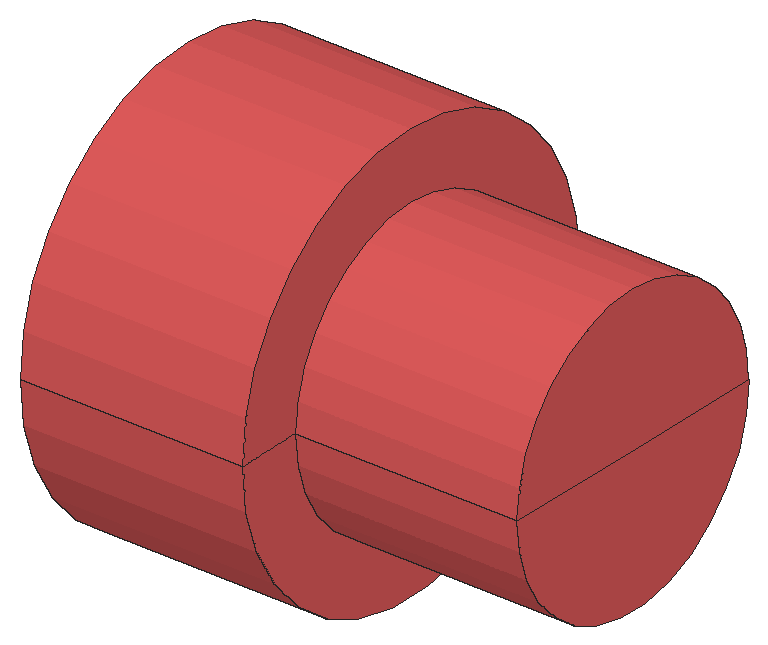
Revit family "Smu_Reducoes", category Pipe Fittings, Revit 2025
Family settings
  Round Connector Dimension = Use Diameter
  Part Type = Union
  Work Plane-Based = No
  Always vertical = No
  Cut with Voids When Loaded = No
  Shared = Yes
Parameters
  Tabela [instance] = "Duc_JGS_Reducoes"
  Nominal Radius2 [instance] = Corpo_R2  # 113.85 mm
  Nominal Radius [instance] = Corpo_R1  # 165.85 mm
  Nominal Diameter2 [instance] = 200.0 mm
  Nominal Diameter [instance] = 300.0 mm
  Material_Conexao = FoFo_SMU
  Manufacturer = "SGC"
  Loss Method = Not Defined
  K Coefficient Table = "Tee"
  EK7 [instance] = size_lookup(Tabela, "EK7", 5.2 mm, Nominal Diameter, Nominal Diameter2)  # 5.7 mm
  Description = "Reduções concecêntricas com bolsas"
  Default Elevation = 0.0 mm
  Corpo_R2 [instance] = Corpo_DE2 / 2  # 113.85 mm
  Corpo_R1 [instance] = Corpo_DE1 / 2  # 165.85 mm
  Corpo_L [instance] = size_lookup(Tabela, "Corpo_L", 200.0 mm, Nominal Diameter, Nominal Diameter2)  # 350.0 mm
  Corpo_DE2 [instance] = size_lookup(Tabela, "Bolsa_DE2", 54.2 mm, Nominal Diameter, Nominal Diameter2) + EK7  # 227.7 mm
  Corpo_DE1 [instance] = size_lookup(Tabela, "Bolsa_DE", 54.2 mm, Nominal Diameter, Nominal Diameter2) + EK7  # 331.7 mm
  Angle [instance] = 0.00°
Reference planes
  plane 1 "Center (Front/Back)": y = 0
  plane 2: z = 0
  plane 3 "Center (Left/Right)": x = 468.25
  plane 4 "EE": x = 293.25
  plane 5 "ED": x = 643.25
  plane 6: y = 165.85
  plane 7: y = 113.85
Forms (mm)
  Revolve 1, solid, material "FoFo_SMU" <- "Material_Conexao"
    sketch origin (0, 0, 0) x (1, 0, 0) y (0, 1, 0)
      loop
        line (293.25, 0) -> (643.25, 0) -> (643.25, 113.85) -> (468.25, 113.85) -> (468.25, 165.85) -> (293.25, 165.85) -> (293.25, 0)
      axis (293.25, 0) -> (643.25, 0)
    angle from 0 to 360
Dimensions and locks
  "Corpo_L": plane 4 "EE" to plane 5 "ED"
  equal spacing: plane 4 "EE", plane 3 "Center (Left/Right)", plane 5 "ED"
  "Nominal Radius2": plane 1 "Center (Front/Back)" to plane 7
  "Nominal Radius": plane 1 "Center (Front/Back)" to plane 6
  aligned and locked: Revolve 1 sketch curve to Revolve 1 sketch curve
  aligned and locked: plane 7 to Revolve 1 sketch curve
  aligned and locked: plane 6 to Revolve 1 sketch curve
  aligned and locked: Revolve 1 sketch curve to plane 4 "EE"
  aligned and locked: plane 5 "ED" to Revolve 1 sketch curve
Automatic sketch dimensions
  Revolve 1 sketch curve to plane 1 "Center (Front/Back)" = 0.0 mm
  Revolve 1 sketch curve to plane 4 "EE" = 0.0 mm
  Revolve 1 sketch curve to plane 3 "Center (Left/Right)" = 0.0 mm
  Revolve 1 sketch curve to plane 5 "ED" = 0.0 mm
Connectors
  piping at (643.25, 0, 0), diameter 200, driven by "Nominal Diameter2"
    settings: on Revolve 1, index 1, connector inside diameter 609.6 mm, connector length 0.0 mm, flow factor 0, pipe flow 0 L/s, pressure drop 0.00 psi, fitting loss kfactor 0, connector angle 0.00°, fixture units 0, engagement length 0.0 mm, angle of deflection 0.00°, flow configuration 0, flow direction 0, fitting loss method 0, system type 28, joint type 0, gender type 0, connector reference index -1, connector utility 0, adjustable connector no, is connector primary yes, connector description ""
  piping at (293.25, 0, 0), diameter 300, driven by "Nominal Diameter"
    settings: on Revolve 1, index 2, connector inside diameter 609.6 mm, connector length 0.0 mm, flow factor 0, pipe flow 0 L/s, pressure drop 0.00 psi, fitting loss kfactor 0, connector angle 0.00°, fixture units 0, engagement length 0.0 mm, angle of deflection 0.00°, flow configuration 0, flow direction 0, fitting loss method 0, system type 28, joint type 0, gender type 0, connector reference index -1, connector utility 0, adjustable connector no, is connector primary no, connector description ""
